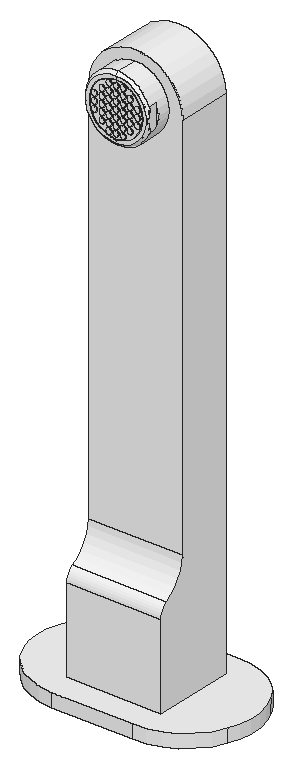
Revit family "Reece_Tap_Mizu_Soothe_Basin Outlet_200 mm", category Plumbing Fixtures, host Face, Revit 2018
Family settings
  Host = Face
  Round Connector Dimension = Use Diameter
  Part Type = Normal
  Cut with Voids When Loaded = No
  Shared = Yes
  Room Calculation Point = Yes
Parameters (values of type "Chrome")
  WFU = 0  # constant formula
  URL = "https://www.reece.com.au/product/-9505221"
  Type Comments = "Tap"
  Reece_Tap_Reach = 200 mm  # constant formula
  Reece_Tap_Inlet = 12 mm  # constant formula
  Reece_Product_Web Page = "https://www.reece.com.au/product/-9505221"
  Reece_Product_Type = "Tap"  # constant formula
  Reece_Product_Sub Brand = "Soothe"  # constant formula
  Reece_Product_Number = "9505221"
  Reece_Product_Mount = "Wall Mounted"
  Reece_Product_Description = "Mizu Soothe Basin Outlet 200mm Chrome (4 Star)"
  Reece_Product_Brand = "Mizu"  # constant formula
  Reece_Overall_Width = 80 mm  # constant formula
  Reece_Overall_Projection = 216 mm  # constant formula
  Reece_Material-Main = Reece_Brass_Chrome
  Reece_Detail_Installation = ""
  Reece_Detail_Disclaimer = "THIS FILE IS THE PROPERTY OF THE REECE GROUP. IT MAY NOT BE REPRODUCED, REVERSE-ENGINEERED OR MODIFIED. ANY REPUBLICATION, TRANSMISSION OR DISTRIBUTION FOR THE PURPOSE OF COMMERCIALLY EXPLOITING THE FILES IS PROHIBITED."  # constant formula
  Reece_Detail_Connector = ""
  Reece_Detail_Additional = "Basin Outlet"
  Reece_Backplate_Height = 5 mm  # constant formula
  Model = "Soothe"
  Manufacturer = "Mizu"
  Keynote = "Product #9505221, Reece_Tap_Mizu_Soothe_Basin Outlet_200 mm - Chrome"
  HWFU = 0  # constant formula
  Disclaimer = "THIS FILE IS THE PROPERTY OF THE REECE GROUP. IT MAY NOT BE REPRODUCED, REVERSE-ENGINEERED OR MODIFIED. ANY REPUBLICATION, TRANSMISSION OR DISTRIBUTION FOR THE PURPOSE OF COMMERCIALLY EXPLOITING THE FILES IS PROHIBITED."  # constant formula
  Description = "Mizu Soothe Basin Outlet 200mm Chrome (4 Star)"
  Default Elevation = 1000 mm
  CWFU = 0  # constant formula
Types (3, lengths in mm): name | URL | Reece_Product_Web Page | Reece_Product_Number | Reece_Product_Description | Reece_Material-Main | Reece_Detail_Additional | Keynote | Description
  (no name) | "https://www.reece.com.au/product/-9505221" | "https://www.reece.com.au/product/-9505221" | "9505221" | "Mizu Soothe Basin Outlet 200mm Chrome (4 Star)" | Reece_Brass_Chrome | "Basin Outlet" | "Product #9505221, Reece_Tap_Mizu_Soothe_Basin Outlet_200 mm -  " | "Mizu Soothe Basin Outlet 200mm Chrome (4 Star)"
  Chrome | "https://www.reece.com.au/product/-9505221" | "https://www.reece.com.au/product/-9505221" | "9505221" | "Mizu Soothe Basin Outlet 200mm Chrome (4 Star)" | Reece_Brass_Chrome | "Basin Outlet" | "Product #9505221, Reece_Tap_Mizu_Soothe_Basin Outlet_200 mm - Chrome" | "Mizu Soothe Basin Outlet 200mm Chrome (4 Star)"
  Matte Black | "https://www.reece.com.au/product/-9505363" | "https://www.reece.com.au/product/-9505363" | "9505363" | "Mizu Soothe Basin Outlet 200mm Matte Black (4 Star)" | Reece_Brass_Matte Black | "" | "Product #9505363, Reece_Tap_Mizu_Soothe_Basin Outlet_200 mm - Matte Black" | "Mizu Soothe Basin Outlet 200mm Matte Black (4 Star)"
Reference planes
  plane 1 "Center (Front/Back)": y = 0
  plane 2 "Bottom": z = 0
  plane 3 "Center (Left/Right)": x = 0
  plane 4: z = 216
  plane 5: x = -17.5
  plane 6: x = 17.5
  plane 7: z = 200
  plane 8: x = 40
  plane 9: x = -40
  plane 10: y = 25
  plane 11: y = -25
Forms (mm)
  Extrusion 1, void
    sketch origin (0, 0, 0) x (1, 0, 0) y (0, 1, 0)
      loop
        circle (0, 0) r 10
    from -16.545 to 5
  Extrusion 2, solid, material "Reece_Brass_Chrome" <- "Reece_Material-Main"
    sketch origin (0, 15, 0) x (1, 0, 0) y (0, 0, 1)
      loop
        arc (17.5, 198.5) -> (0, 216) -> (-17.5, 198.5) r 17.5
        line (-17.5, 198.5) -> (-17.5, 5) -> (17.5, 5) -> (17.5, 198.5)
    from 0 to 30
  Extrusion 3, void
    sketch origin (0, 0, 0) x (0, 1, 0) y (0, 0, 1)
      loop
        line (-15, 5) -> (-15, 36.29)
        arc (-15, 36.29) -> (-14.256, 39.052) -> (-12.225, 41.066) r 5.497
        arc (-12.225, 41.066) -> (-6.937, 46.31) -> (-5, 53.5) r 14.312
        line (-5, 53.5) -> (-5, 228.5) -> (-50, 228.5) -> (-50, 5) -> (-15, 5)
    from -17.5 to 17.5
  Revolve 4, solid, material "Reece_Brass_Chrome" <- "Reece_Material-Main"
    sketch origin (0, -99.918, 94.223) x (0, 0, -1) y (0, 1, 0)
      loop
        line (-105.777, 94.918) -> (-118.132, 94.918) -> (-118.132, 86.984) -> (-117.148, 86) -> (-115.777, 86) -> (-115.777, 90.187) -> (-105.777, 90.187) -> (-105.777, 94.918)
      loop
        line (-105.777, 86) -> (-105.777, 89.992) -> (-115.53, 89.992) -> (-115.53, 86) -> (-105.777, 86)
      axis (-105.777, 94.918) -> (-105.777, 86)
    angle from 0 to 360
  Extrusion 5, void
    sketch origin (0, -94.257, 89.606) x (0, 0.052336, -0.99863) y (0, 0.99863, 0.052336)
      loop
        line (-100.826, 89.927) -> (-110.812, 90.45) -> (-111.143, 84.132) -> (-101.157, 83.609) -> (-100.826, 89.927)
    from 11.559 to 14.294
  Extrusion 6, void
    sketch origin (0, -94.257, 89.606) x (0, 0.052336, -0.99863) y (0, -0.99863, -0.052336)
      loop
        line (-100.826, -89.927) -> (-101.157, -83.609) -> (-111.143, -84.132) -> (-110.812, -90.45) -> (-100.826, -89.927)
    from 11.559 to 14.294
  Extrusion 7, solid, material "Reece_Brass_Chrome" <- "Reece_Material-Main", detail levels fine
    sketch origin (0, 0, 0) x (1, 0, 0) y (0, 0, 1)
      loop
        circle (0, 200) r 1
      loop
        circle (2.632, 200) r 1
      loop
        circle (5.213, 200) r 1
      loop
        circle (8.051, 200) r 1
      loop
        circle (-2.632, 200) r 1
      loop
        circle (-5.213, 200) r 1
      loop
        circle (-8.051, 200) r 1
      loop
        circle (0, 202.675) r 1
      loop
        circle (2.632, 202.675) r 1
      loop
        circle (5.213, 202.675) r 1
      loop
        circle (8.051, 202.675) r 1
      loop
        circle (-2.632, 202.675) r 1
      loop
        circle (-5.213, 202.675) r 1
      loop
        circle (-8.051, 202.675) r 1
      loop
        circle (0, 205.417) r 1
      loop
        circle (2.632, 205.417) r 1
      loop
        circle (5.213, 205.417) r 1
      loop
        circle (-2.632, 205.417) r 1
      loop
        circle (-5.213, 205.417) r 1
      loop
        circle (0, 208.025) r 1
      loop
        circle (2.632, 208.025) r 1
      loop
        circle (-2.632, 208.025) r 1
      loop
        circle (0, 197.325) r 1
      loop
        circle (2.632, 197.325) r 1
      loop
        circle (5.213, 197.325) r 1
      loop
        circle (8.051, 197.325) r 1
      loop
        circle (-2.632, 197.325) r 1
      loop
        circle (-5.213, 197.325) r 1
      loop
        circle (-8.051, 197.325) r 1
      loop
        circle (0, 194.583) r 1
      loop
        circle (2.632, 194.583) r 1
      loop
        circle (5.213, 194.583) r 1
      loop
        circle (-2.632, 194.583) r 1
      loop
        circle (-5.213, 194.583) r 1
      loop
        circle (0, 191.975) r 1
      loop
        circle (2.632, 191.975) r 1
      loop
        circle (-2.632, 191.975) r 1
    from 9.926 to 14.011
  Extrusion 8, solid, material "Reece_Brass_Chrome" <- "Reece_Material-Main"
    sketch origin (0, -1, 0) x (1, 0, 0) y (0, 1, 0)
      loop
        arc (-15, 26) -> (-27.843, 22.449) -> (-37.038, 12.805) r 25
        arc (-37.038, 12.805) -> (-39.967, 2.291) -> (-38.137, -8.469) r 25
        arc (-38.137, -8.469) -> (-28.933, -19.757) -> (-15, -24) r 25
        line (-15, -24) -> (15, -24)
        arc (15, -24) -> (28.933, -19.757) -> (38.137, -8.469) r 25
        arc (38.137, -8.469) -> (39.967, 2.291) -> (37.038, 12.805) r 25
        arc (37.038, 12.805) -> (27.843, 22.449) -> (15, 26) r 25
        line (15, 26) -> (-15, 26)
    from 0 to 5
Cuts and joins
  Extrusion 3 cuts Extrusion 2
  Extrusion 5, Extrusion 6 cuts Revolve 4
Text (mm)
  text "Reece Copyright © 2018, Reece Ltd." at (-178.25, -190.459, 0), in view "Ref. Level"
  text "Reece ©" at (44.384, 258.95, 192.345), in view "Reece Preview"
Dimensions and locks
  plane 6 to plane 5 = 35 mm
  "Reece_Tap_Reach": plane 7 to host face
  "Reece_Overall_Projection": plane 4 to host face
  "Reece_Overall_Width": plane 9 to plane 8
  plane 7 to host face = 200 mm
  cut or joined group of Extrusion 2, Extrusion 3 to cut or joined group of Extrusion 2, Extrusion 3 = 20 mm
  plane 10 to plane 11 = 50 mm
  aligned and locked: plane 2 "Bottom" to host face
  aligned and locked: level to host face
  aligned and locked: Extrusion 3 to plane 5
  aligned and locked: Extrusion 3 to plane 6
Automatic sketch dimensions
  host sketch curve to host sketch curve = 380.785 mm
  host sketch curve to host sketch curve = 317.421 mm
  plane 1 "Center (Front/Back)" to Extrusion 1 sketch curve = 0 mm
  Extrusion 1 sketch curve to plane 3 "Center (Left/Right)" = 0 mm
  Extrusion 2 sketch curve to plane 5 = 0 mm
  Extrusion 2 sketch curve to plane 3 "Center (Left/Right)" = 0 mm
  level to Extrusion 2 sketch curve = 5 mm
  Extrusion 2 sketch curve to plane 7 = 1.5 mm
  Extrusion 3 sketch curve to Extrusion 3 sketch curve = 5.497 mm
  plane 1 "Center (Front/Back)" to Extrusion 3 sketch curve = 5 mm
  level to Extrusion 3 sketch curve = 5 mm
  Extrusion 3 sketch curve to Extrusion 3 sketch curve = 31.29 mm
  Extrusion 3 sketch curve to Extrusion 3 sketch curve = 17.21 mm
  plane 4 to Extrusion 3 sketch curve = 12.5 mm
  Revolve 4 sketch curve to plane 7 = 0 mm  (x3)
  Revolve 4 sketch curve to plane 4 = 6.247 mm
  Revolve 4 sketch curve to Revolve 4 sketch curve = 0.247 mm
  Revolve 4 sketch curve to Revolve 4 sketch curve = 1.372 mm
  Revolve 4 sketch curve to plane 4 = 3.644 mm
  Revolve 4 sketch curve to Revolve 4 sketch curve = 0 mm
  Revolve 4 sketch curve to Revolve 4 sketch curve = 0.984 mm
  Revolve 4 sketch curve to Revolve 4 sketch curve = 3.992 mm
  Revolve 4 sketch curve to Revolve 4 sketch curve = 0.196 mm
  plane 1 "Center (Front/Back)" to Revolve 4 sketch curve = 5 mm
  Revolve 4 sketch curve to Revolve 4 sketch curve = 0.96 mm
  Revolve 4 sketch curve to Revolve 4 sketch curve = 1.082 mm
  plane 7 to Extrusion 5 sketch curve = 5 mm
  Extrusion 5 sketch curve to Extrusion 5 sketch curve = 0.331 mm
  Extrusion 5 sketch curve to Extrusion 5 sketch curve = 9.986 mm
  Extrusion 5 sketch curve to Extrusion 5 sketch curve = 0.523 mm
  plane 7 to Extrusion 6 sketch curve = 5 mm
  Extrusion 6 sketch curve to Extrusion 6 sketch curve = 0.331 mm
  Extrusion 6 sketch curve to Extrusion 6 sketch curve = 9.986 mm
  Extrusion 6 sketch curve to Extrusion 6 sketch curve = 5.795 mm
  Extrusion 7 sketch curve to plane 7 = 0 mm  (x7)
  Extrusion 7 sketch curve to plane 3 "Center (Left/Right)" = 0 mm  (x7)
  Extrusion 7 sketch curve to Extrusion 7 sketch curve = 2.632 mm  (x5)
  Extrusion 7 sketch curve to Extrusion 7 sketch curve = 0 mm  (x20)
  Extrusion 7 sketch curve to Extrusion 7 sketch curve = 2.581 mm  (x10)
  Extrusion 7 sketch curve to Extrusion 7 sketch curve = 2.838 mm  (x3)
  plane 3 "Center (Left/Right)" to Extrusion 7 sketch curve = 2.632 mm  (x5)
  Extrusion 7 sketch curve to plane 7 = 2.675 mm  (x4)
  Extrusion 7 sketch curve to Extrusion 7 sketch curve = 2.742 mm  (x4)
  Extrusion 7 sketch curve to Extrusion 7 sketch curve = 2.608 mm  (x6)
  Extrusion 7 sketch curve to Extrusion 7 sketch curve = 2.675 mm  (x3)
  Extrusion 8 sketch curve to Extrusion 8 sketch curve = 0 mm  (x8)
  plane 1 "Center (Front/Back)" to Extrusion 8 sketch curve = 0 mm
  plane 5 to Extrusion 8 sketch curve = 2.5 mm
  Extrusion 8 sketch curve to plane 6 = 2.5 mm
  Extrusion 8 sketch curve to plane 9 = 2.962 mm
  Extrusion 8 sketch curve to plane 9 = 1.863 mm
  Extrusion 8 sketch curve to plane 8 = 2.962 mm
  Extrusion 8 sketch curve to plane 8 = 1.863 mm
  plane 1 "Center (Front/Back)" to Extrusion 3 sketch curve = 9.503 mm
  Extrusion 3 sketch curve to Extrusion 3 sketch curve = 14.312 mm
  Extrusion 3 sketch curve to Extrusion 3 sketch curve = 35 mm
  Revolve 4 sketch curve to Revolve 4 sketch curve = 3.77 mm
  plane 1 "Center (Front/Back)" to Extrusion 5 sketch curve = 16.057 mm
  plane 1 "Center (Front/Back)" to Extrusion 6 sketch curve = 16.057 mm
  Extrusion 8 sketch curve to Extrusion 8 sketch curve = 25 mm
  radius of Extrusion 1 sketch curve = 10 mm
  radius of Extrusion 7 sketch curve = 1 mm  (x37)
Connectors
  piping at (0, 0, 0), diameter 12, driven by "Reece_Tap_Inlet"
    settings: on host face, index 1, connector inside diameter 609.6 mm, connector length 0 mm, flow factor 0, pipe flow 0.0 L/s, pressure drop 0.0 Pa, fitting loss kfactor 0, connector angle 0.00°, fixture units 0, engagement length 0 mm, angle of deflection 0.00°, flow configuration 0, flow direction 1, fitting loss method 0, system type 29, joint type 0, gender type 0, connector reference index -1, connector utility 0, adjustable connector no, is connector primary yes, connector description ""
